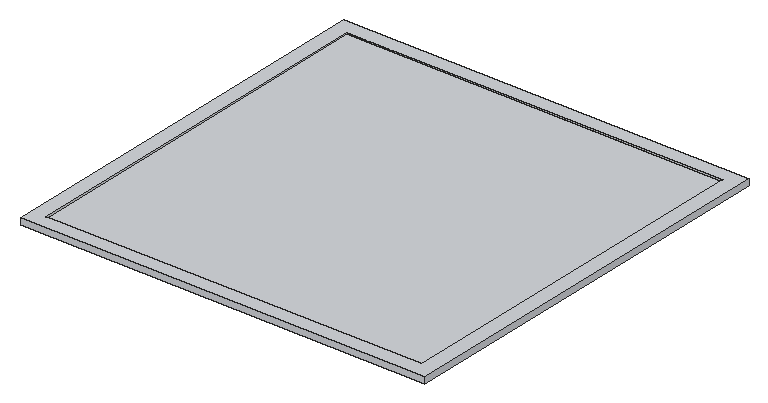
Revit family "595x595_START Panel Backlit UGR19 - Copy (4)", category Lighting Fixtures, host Face, Revit 2017
Family settings
  Host = Face
  Round Connector Dimension = Use Diameter
  Part Type = Normal
  OmniClass Number = 23.80.70.00
  OmniClass Title = Lighting
  Cut with Voids When Loaded = No
  Light Source = Yes
  Shared = No
  Room Calculation Point = No
Parameters (values of type "0042190")
  Weight = "119.34 kg"
  Wattage Comments = ""
  Wattage = 42 W
  WarrantyStartDate [instance] = "n/a"
  WarrantyGuarantorParts = "n/a"
  WarrantyDurationUnit = "n/a"
  WarrantyDurationParts = "n/a"
  WarrantyDescription = "n/a"
  WIDTH_SYL = 297.5 mm
  built-in parameter 1150110 = 1 (stored number, unit not read)
  Voltage = 0 V
  URL = "http://www.sylvania-lighting.com"
  TypeName = "0042190 ST PANEL UGR19 600X600 4800LM 840 LILO"
  Type Image = <None>
  Type Comments = "n/a"
  built-in parameter 1114217 = 1 (stored number, unit not read)
  Tilt Angle = -90.00°
  built-in parameter 1150109 = 1 (stored number, unit not read)
  built-in parameter 1150134 = 12
  TOPWIDTH_SYL = 245 mm
  built-in parameter 1150113 = 1 (stored number, unit not read)
  SerialNumber [instance] = "n/a"
  Photometric Web File = "0042190.ies"
  Material_3_SYL = none
  PowerFactor = 0.9
  PowerConsumption = "42 W"
  NominalLength = 595 mm
  NominalHeight = 35 mm
  NominalDepth = 595 mm
  Name = "START Panel UGR19 600x600 4800Lm 840 LILO"
  ModelReference = Name  # "START Panel UGR19 600x600 4800Lm 840 LILO"
  ModelNumber = "0042190"
  Model = Name  # "START Panel UGR19 600x600 4800Lm 840 LILO"
  Material = "aluminium,steel housing, other diffuser"
  ManufacturerName = "Feilo Sylvania"
  Manufacturer = "Feilo Sylvania"
  MAINHEIGHT_SYL = 63 mm
  LuminousEfficacy = "114 lm/W"
  built-in parameter 1150105 = 381.02 (stored number, unit not read)
  Lumens = 4788 lm
  LuminaireType = ""
  built-in parameter 1150115 = 1 (stored number, unit not read)
  LightOutputRatio = ""
  built-in parameter 1150137 = (empty or 0)
  built-in parameter 1150139 = (empty or 0)
  LampsType = Lamp  # "LED"
  LampNominalLuminous = "4800 lm"
  LampMacAdamStep = "6"
  LampColourTemperature = "4000 K"
  LampColourRenderingIndex = "80"
  built-in parameter 1150112 = 1 (stored number, unit not read)
  built-in parameter 1150114 = 1 (stored number, unit not read)
  Lamp = "LED"
  LUMWIDTH_SYL = 276.5 mm
  LUMDEPTH_SYL = 276.5 mm
  Keynote = "16500"
  InstallationDate [instance] = "n/a"
  InputVoltage = ""
  InputNominalFrequency = ""
  built-in parameter 1150132 = (empty or 0)
  built-in parameter 1150102 = (empty or 0)
  built-in parameter 1150107 = 4000 (stored number, unit not read)
  built-in parameter 1150138 = (empty or 0)
  IngressProtection = "IP40/20"
  ImpactProtectionIndex = "IK03"
  built-in parameter 1150106 = 3.8102 (stored number, unit not read)
  IfcExportType = "IfcLightFixtureType"
  IfcExportAs = "IfcLightFixtureType"
  HEIGHT_SYL = 33 mm
  HEIGHTBOTT_SYL = 7 mm
  Emit from Circle Diameter = 609.6 mm
  Emit Shape Visible in Rendering = no
  ElectricShockClassification = "Class II"
  built-in parameter 1150104 = 10.591 (stored number, unit not read)
  DocumentationLiterature = "http://www.sylvania-lighting.com/product/en-int/products/0042190"
  DimmingControlOptions = "n/a"
  Material_2_SYL = none
  Dimming Lamp Color Temperature Shift = <None>
  Description = ""
  Default Elevation = 1219.2 mm
  DEPTH_SYL = 297.5 mm
  CreatedOn = "7/3/2020"
  CreatedBy = "@sylvania-lighting.com"
  Cost = 0
  Color Filter = 16777215
  built-in parameter 1114216 [instance] = (empty or 0)
  ClassificationValue = "EF_70_80"
  ClassificationName = "Uniclass2015"
  Material_1_SYL = none
  BarCode [instance] = "n/a"
  built-in parameter 1114218 = 1 (stored number, unit not read)
  BOX_WIDTH_SYL = 40 mm
  built-in parameter 1150133 = 10 (stored number, unit not read)
  AssetType = "Fixed"
  AssetIdentifier [instance] = "n/a"
  Assembly Code = "D5020200"
  Apparent Load = 42 VA
  Material_4_SYL = none
  -LUMDEPTH_SYL = LUMDEPTH_SYL * (-1)  # -276.5 mm
Reference planes
  plane 1 "Center (Front/Back)": y = 0
  plane 2: z = 0
  plane 3 "Center (Left/Right)": x = 0
  plane 4: x = -297.5
  plane 5: x = 297.5
  plane 6: y = 297.5
  plane 7: y = -297.5
  plane 8: x = 276.5
  plane 9: x = -276.5
  plane 10: y = 276.5
  plane 11: y = -276.5
  plane 12: z = -33
  plane 13: z = -7
  plane 14: x = -245
  plane 15: x = 245
  plane 16: y = -245
  plane 17: y = 245
  plane 18: y = 276.5
  plane 19: y = -276.5
  plane 20: z = -63
  plane 21: x = -40
  plane 22: x = 40
Forms (mm)
  Extrusion 1, solid
    sketch origin (0, 0, 0) x (1, 0, 0) y (0, 1, 0)
      loop
        line (-297.5, 297.5) -> (-297.5, -297.5) -> (297.5, -297.5) -> (297.5, 297.5) -> (-297.5, 297.5)
    from -7 to 2
  Extrusion 2, void
    sketch origin (0, 0, 0) x (1, 0, 0) y (0, 1, 0)
      loop
        line (-276.5, 276.5) -> (-276.5, -276.5) -> (276.5, -276.5) -> (276.5, 276.5) -> (-276.5, 276.5)
    from 0 to 10
  Extrusion 3, solid
    sketch origin (0, 0, 0) x (1, 0, 0) y (0, 0, 1)
      loop
        line (-276.5, -7) -> (-245, -33) -> (245, -33) -> (276.5, -7) -> (-276.5, -7)
    from -276.5 <- "-LUMDEPTH_SYL" to 276.5 <- "LUMDEPTH_SYL"
  Extrusion 4, void
    sketch origin (319, 1524, 1219.2) x (0, 1, 0) y (0, 0, 1)
      loop
        line (-1279, -1252.2) -> (-1247.5, -1252.2) -> (-1247.5, -1226.2) -> (-1279, -1252.2)
      loop
        line (-1800.5, -1226.2) -> (-1800.5, -1252.2) -> (-1769, -1252.2) -> (-1800.5, -1226.2)
    from -1000 to 1000
  Extrusion 5, solid
    sketch origin (0, 0, 0) x (1, 0, 0) y (0, 0, 1)
      loop
        line (-40, -33) -> (-40, -63) -> (40, -63) -> (40, -33) -> (-40, -33)
    from -40 to 40
Cuts and joins
  Extrusion 2 cuts Extrusion 1
  Extrusion 4 cuts Extrusion 3
Dimensions and locks
  "WIDTH_SYL": plane 4 to plane 3 "Center (Left/Right)" to plane 5
  "DEPTH_SYL": plane 7 to plane 1 "Center (Front/Back)" to plane 6
  "LUMWIDTH_SYL": plane 9 to plane 3 "Center (Left/Right)" to plane 8
  "LUMDEPTH_SYL": plane 11 to plane 1 "Center (Front/Back)" to plane 10
  "HEIGHT_SYL": host face to plane 12
  "HEIGHTBOTT_SYL": host face to plane 13
  "TOPWIDTH_SYL": plane 14 to imposter light to plane 15
  "TOPWIDTH_SYL": plane 17 to imposter light to plane 16
  "LUMWIDTH_SYL": plane 18 to imposter light to plane 19
  "MAINHEIGHT_SYL": host face to plane 20
  "BOX_WIDTH_SYL": plane 21 to imposter light to plane 22
  Extrusion 5 sketch curve to Extrusion 5 sketch curve to plane 13 = 30 mm, 26 mm
  aligned and locked: plane 2 to host face
  aligned and locked: level to host face
  aligned and locked: plane 6 to Extrusion 1 sketch curve
  aligned and locked: plane 4 to Extrusion 1 sketch curve
  aligned and locked: Extrusion 1 sketch curve to plane 7
  aligned and locked: Extrusion 1 sketch curve to plane 5
  aligned and locked: plane 10 to Extrusion 2 sketch curve
  aligned and locked: Extrusion 2 sketch curve to plane 9
  aligned and locked: Extrusion 2 sketch curve to plane 11
  aligned and locked: plane 8 to Extrusion 2 sketch curve
  aligned and locked: Extrusion 5 sketch curve to plane 21
  aligned and locked: plane 22 to Extrusion 5 sketch curve
Automatic sketch dimensions
  host sketch curve to host sketch curve = 2438.4 mm  (x2)
  plane 9 to Extrusion 3 sketch curve = 0 mm
  Extrusion 3 sketch curve to plane 12 = 0 mm
  plane 14 to Extrusion 3 sketch curve = 0 mm
  plane 15 to Extrusion 3 sketch curve = 0 mm
  plane 8 to Extrusion 3 sketch curve = 0 mm
  Extrusion 3 sketch curve to plane 13 = 0 mm
  Extrusion 4 sketch curve to plane 11 = 0 mm
  plane 12 to Extrusion 4 sketch curve = 0 mm  (x2)
  Extrusion 4 sketch curve to plane 16 = 0 mm
  Extrusion 4 sketch curve to plane 17 = 0 mm
  Extrusion 4 sketch curve to plane 10 = 0 mm
  plane 13 to Extrusion 4 sketch curve = 0 mm  (x2)
